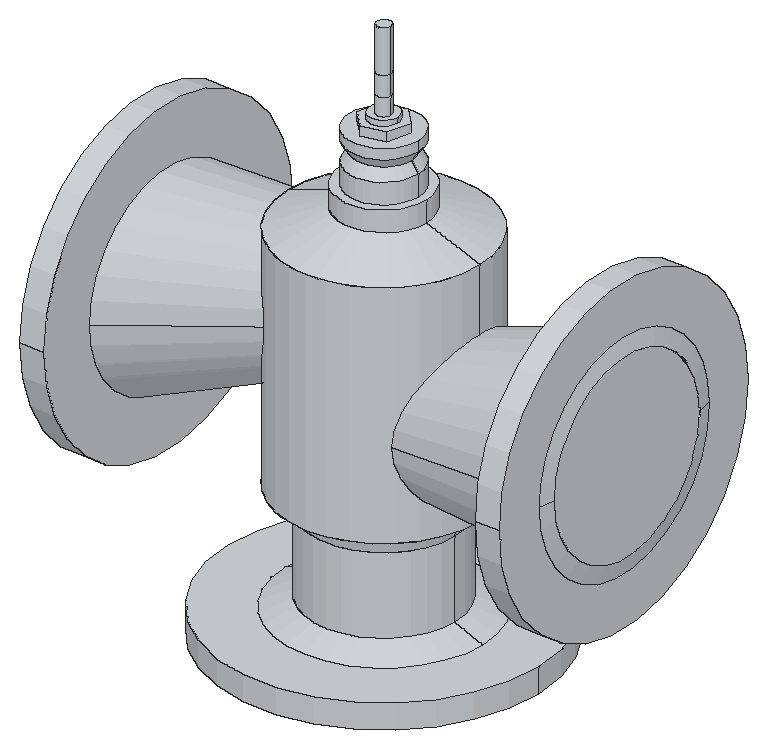
Revit family "3FGB_PN16_DN065_RFA_2019", category Pipe Accessories, Revit 2019
Family settings
  Round Connector Dimension = Use Diameter
  Part Type = Valve - Breaks Into
  Work Plane-Based = No
  Always vertical = Yes
  Cut with Voids When Loaded = No
  Shared = No
Parameters (values of type "3FGB PN16 DN065")
  magiProductId = ""
  magiProductFamilyId = ""
  magiPartTypeId = 320
  isMeasuringValve [instance] = no
  ang2D [instance] = 0.00°
  Z9 = 4.2 mm
  Z8 = 5.7 mm
  Z7 = 3 mm
  Z6 = 6 mm
  Z5 = 6 mm
  Z4 = 12 mm
  Z3 = 136.6 mm
  Z19 = 9.9 mm
  Z18 = 16.25 mm
  Z17 = 2.5 mm
  Z16 = 6.25 mm
  Z15 = 33.25 mm
  Z14__ve = -Z14  # -11.875 mm
  Z14 = 11.875 mm
  Z13 = 6.535 mm
  Z12 = 45.745 mm
  Z11 = 58 mm
  Z10 = 5.1 mm
  Y1 = 51.48 mm
  X4 = 14.3 mm
  X3 = 22.88 mm
  X2__ve = -X2  # -14.3 mm
  X2 = 14.3 mm
  X1 = 2 mm
  W2D = 65 mm
  VersionID = ""
  Use Minimum Symbol Size [instance] = no
  URL = "www.hydronix.cz"
  Type Comments = "Přírubový; EQM charakteristika ve směru A-AB; PN16; -10~+150°C"
  R9 = 4 mm
  R8 = 6.255 mm
  R7 = 8.34 mm
  R6 = 13.9 mm
  R5 = 16.474 mm
  R4 = 20.592 mm
  R3 = 25.74 mm
  R2 = 44.25 mm
  R13 = 42.48 mm
  R12 = 4.378 mm
  R11 = 8.444 mm
  R10 = 5.629 mm
  R1 = 35.4 mm
  QmdConnectorList = "301;D;302;D;303;D"
  Productdata [instance] = ""
  N = 4
  Manufacturer = "Hydronix"
  Maintenance Zone Under Depth [instance] = 175 mm
  Maintenance Zone Right Depth [instance] = 145 mm
  Maintenance Zone Over Depth [instance] = 180 mm
  Maintenance Zone Left Depth [instance] = 145 mm
  Maintenance Zone Front Depth [instance] = 92.5 mm
  Maintenance Zone Back Depth [instance] = 92.5 mm
  Maintenance Zone Front Visibility [instance] = no
  MT = 2
  MC Product Code = "3FGB65 (DN65; PN16; kvs63)"
  MC = yes
  LT2 = 145 mm
  L2D_Min = 30.48 mm
  L2D = 290 mm
  L = 290 mm
  HD = 18 mm
  HCDT2 = 59 mm
  HCD = 145 mm
  H4 = 145 mm
  H3 = 95 mm
  H2 = 25 mm
  H1 = 155 mm
  FDT2 = 92.5 mm
  FD = 185 mm
  Description = "3 cestný regulační ventil přírubový; DN65; PN16; kvs63; zdvih 25mm"
  DT2 = 32.5 mm
  D4 = 53.975 mm
  D3 = 63.5 mm
  D2 = 57.2 mm
  D = 65 mm
  CenSd_R6_6 = R6 * cos(30.00°)  # 12.037 mm
  Clearance Zone Height Depth [instance] = 180 mm
  Clearance Zone Circular Radius [instance] = 145 mm
  Clearance Zone Visibility [instance] = no
  CAT0 = yes
  CAT = no
  Assembly Code = ""
  A1 = 109.28 mm
Types (5, lengths in mm): name | Z9 | Z8 | Z6 | Z5 | Z4 | Z3 | Z19 | Z18 | Z17 | Z16 | Z15 | Z14__ve | Z14 | Z13 | Z12 | Z11 | Z10 | Y1 | X4 | X3 | X2__ve | X2 | W2D | R8 | R7 | R6 | R5 | R4 | R3 | R2 | R13 | R12 | R11 | R10 | R1 | N | Maintenance Zone Under Depth | Maintenance Zone Right Depth | Maintenance Zone Over Depth | Maintenance Zone Left Depth | Maintenance Zone Front Depth | Maintenance Zone Back Depth | MC Product Code | LT2 | L2D | L | HD | HCDT2 | HCD | H4 | H3 | H2 | H1 | FDT2 | FD | Description | DT2 | D4 | D3 | D2 | D | CenSd_R6_6 | Clearance Zone Height Depth | Clearance Zone Circular Radius | A1
  3FGB PN16 DN100 | 4.165 | 5.602 | 5.95 | 5.95 | 11.9 | 166.225 | 9.767 | 29.25 | 4.5 | 11.25 | 40.775 | -14.562 | 14.562 | 7.885 | 55.195 | 72 | 5.082 | 62.28 | 17.3 | 27.68 | -17.3 | 17.3 | 100 | 7.567 | 10.089 | 16.816 | 19.93 | 24.912 | 31.14 | 57.375 | 55.08 | 5.297 | 10.215 | 6.81 | 45.9 | 8 | 207 | 175 | 221 | 175 | 110 | 110 | "3FGB100 (DN100; PN16; kvs130)" | 175 | 350 | 350 | 18 | 76.5 | 180 | 175 | 116.5 | 45 | 176 | 110 | 220 | "3 cestný regulační ventil přírubový; DN100; PN16; kvs130; zdvih 45mm" | 50 | 68.85 | 81 | 69.2 | 100 | 14.563 | 221 | 175 | 132.98
  3FGB PN16 DN125 | 4.2 | 5.7 | 6 | 6 | 12 | 194.35 | 9.9 | 29.25 | 4.5 | 11.25 | 48.65 | -17.375 | 17.375 | 9.01 | 63.07 | 84 | 5.1 | 71.28 | 19.8 | 31.68 | -19.8 | 19.8 | 125 | 8.661 | 11.547 | 19.246 | 22.81 | 28.512 | 35.64 | 68.625 | 65.88 | 6.062 | 11.692 | 7.794 | 54.9 | 8 | 234 | 200 | 244 | 200 | 125 | 125 | "3FGB125 (DN125; PN16; kvs200)" | 200 | 400 | 400 | 18 | 91.5 | 210 | 200 | 139 | 45 | 199 | 125 | 250 | "3 cestný regulační ventil přírubový; DN125; PN16; kvs200; zdvih 45mm" | 62.5 | 81.6 | 96 | 79.2 | 125 | 16.667 | 244 | 200 | 155.48
  3FGB PN16 DN150 | 4.2 | 5.7 | 6 | 6 | 12 | 225.85 | 9.9 | 29.25 | 4.5 | 11.25 | 54.95 | -19.625 | 19.625 | 10.81 | 75.67 | 96 | 5.1 | 85.68 | 23.8 | 38.08 | -23.8 | 23.8 | 150 | 10.41 | 13.88 | 23.134 | 27.418 | 34.272 | 42.84 | 77.625 | 74.52 | 7.287 | 14.054 | 9.369 | 62.1 | 8 | 277 | 240 | 262 | 240 | 142.5 | 142.5 | "3FGB150 (DN150; PN16; kvs300)" | 240 | 480 | 480 | 22 | 103.5 | 240 | 240 | 157 | 45 | 217 | 142.5 | 285 | "3 cestný regulační ventil přírubový; DN150; PN16; kvs300; zdvih 45mm" | 75 | 92.65 | 109 | 95.2 | 150 | 20.034 | 262 | 240 | 180.68
  3FGB PN16 DN065 | 4.2 | 5.7 | 6 | 6 | 12 | 136.6 | 9.9 | 16.25 | 2.5 | 6.25 | 33.25 | -11.875 | 11.875 | 6.535 | 45.745 | 58 | 5.1 | 51.48 | 14.3 | 22.88 | -14.3 | 14.3 | 65 | 6.255 | 8.34 | 13.9 | 16.474 | 20.592 | 25.74 | 44.25 | 42.48 | 4.378 | 8.444 | 5.629 | 35.4 | 4 | 175 | 145 | 180 | 145 | 92.5 | 92.5 | "3FGB65 (DN65; PN16; kvs63)" | 145 | 290 | 290 | 18 | 59 | 145 | 145 | 95 | 25 | 155 | 92.5 | 185 | "3 cestný regulační ventil přírubový; DN65; PN16; kvs63; zdvih 25mm" | 32.5 | 53.975 | 63.5 | 57.2 | 65 | 12.037 | 180 | 145 | 109.28
  3FGB PN16 DN080 | 4.2 | 5.7 | 6 | 6 | 12 | 148.6 | 9.9 | 29.25 | 4.5 | 11.25 | 36.75 | -13.125 | 13.125 | 6.985 | 48.895 | 64 | 5.1 | 55.08 | 15.3 | 24.48 | -15.3 | 15.3 | 80 | 6.692 | 8.923 | 14.872 | 17.626 | 22.032 | 27.54 | 49.875 | 47.88 | 4.685 | 9.034 | 6.023 | 39.9 | 4 | 187 | 155 | 210 | 155 | 100 | 100 | "3FGB80 (DN80; PN16; kvs100)" | 155 | 310 | 310 | 18 | 66.5 | 160 | 155 | 105 | 45 | 165 | 100 | 200 | "3 cestný regulační ventil přírubový; DN80; PN16; kvs100; zdvih 45mm" | 40 | 60.35 | 71 | 61.2 | 80 | 12.879 | 210 | 155 | 118.88
Reference planes
  plane 1 "Center (Front/Back)": y = 0
  plane 2 "XYPLANE": z = 0
  plane 3 "Center (Left/Right)": x = 0
  plane 4 "227": z = -175
  plane 5 "226": y = 92.5
  plane 6 "225": y = -92.5
  plane 7 "224": x = 145
  plane 8 "223": x = -145
  plane 9 "222": z = 180
  plane 10 "182": z = 155
  plane 11 "161": z = 143
  plane 12 "158": z = 137.3
  plane 13 "150": z = 133.1
  plane 14 "148": z = 130.1
  plane 15 "142": z = 125
  plane 16 "136": z = 119
  plane 17 "135": z = 113
  plane 18 "131": z = 107
  plane 19 "78": z = 71.25
  plane 20 "77": z = 83.125
  plane 21 "74": z = 95
  plane 22 "70": z = -65.35
  plane 23 "65": z = -71.885
  plane 24 "64": z = -78.42
  plane 25 "58": z = -124.165
  plane 26 "57": z = -130.7
  plane 27 "46": z = -145
  plane 28 "28": x = 128.7
  plane 29 "27": x = 143
  plane 30 "21": z = -20
  plane 31 "16": z = 33.25
  plane 32 "13": x = -128.7
  plane 33 "7": x = -143
  plane 34 "6": x = 145
  plane 35 "5": x = -145
  plane 36 "3": y = 0
  plane 37 "2": z = 0
  plane 38 "1": x = 0
Forms (mm)
  Extrusion 1, solid, visible <- "Clearance Zone Visibility"
    sketch origin (-750, 0, 0) x (1, 0, 0) y (0, 1, 0)
      loop
        circle (750, 0) r 145
    from 0 to 180 <- "Clearance Zone Height Depth"
  Blend 2, solid, visible <- "Maintenance Zone Front Visibility"
    base sketch origin (-750, 0, 180) x (1, 0, 0) y (0, 1, 0)
      loop
        line (605, 92.5) -> (605, -92.5) -> (895, -92.5) -> (895, 92.5) -> (605, 92.5)
    top sketch origin (-750, 0, 180) x (1, 0, 0) y (0, 1, 0)
      loop
        line (605, 92.5) -> (605, -92.5) -> (895, -92.5) -> (895, 92.5) -> (605, 92.5)
    from 0 to -355
  Extrusion 3, solid
    sketch origin (-750, 0, 133.1) x (1, 0, 0) y (0, 1, 0)
      loop
        circle (750, 0) r 4.378
    from 0 to 9.9 <- "Z19"
  Extrusion 4, solid
    sketch origin (-750, 0, 155) x (1, 0, 0) y (0, 1, 0)
      loop
        circle (750, 0) r 4
    from 0 to 25 <- "H2"
  Extrusion 5, solid
    sketch origin (-750, 0, 143) x (1, 0, 0) y (0, 1, 0)
      loop
        circle (750, 0) r 4
    from 0 to 12 <- "Z4"
  Extrusion 6, solid
    sketch origin (-750, 0, 130.1) x (1, 0, 0) y (0, 1, 0)
      loop
        circle (750, 0) r 8.34
    from 0 to 3 <- "Z7"
  Extrusion 7, solid
    sketch origin (-750, 0, 125) x (1, 0, 0) y (0, 1, 0)
      loop
        line (759.829, -9.829) -> (763.426, 3.597) -> (753.597, 13.426) -> (740.171, 9.829) -> (736.574, -3.597) -> (746.403, -13.426) -> (759.829, -9.829)
    from 0 to 5.1 <- "Z10"
  Extrusion 8, solid
    sketch origin (-750, 0, 119) x (1, 0, 0) y (0, 1, 0)
      loop
        circle (750, 0) r 20.592
    from 0 to 6 <- "Z6"
  Blend 9, solid
    base sketch origin (-750, 0, 113) x (1, 0, 0) y (0, 1, 0)
      loop
        circle (750, 0) r 16.474
    top sketch origin (-750, 0, 113) x (1, 0, 0) y (0, 1, 0)
      loop
        circle (750, 0) r 20.592
    from 0 to 6
  Blend 10, solid
    base sketch origin (-750, 0, 107) x (1, 0, 0) y (0, 1, 0)
      loop
        circle (750, 0) r 20.592
    top sketch origin (-750, 0, 107) x (1, 0, 0) y (0, 1, 0)
      loop
        circle (750, 0) r 16.474
    from 0 to 6
  Extrusion 11, solid
    sketch origin (-750, 0, 95) x (1, 0, 0) y (0, 1, 0)
      loop
        circle (750, 0) r 20.592
    from 0 to 12 <- "Z4"
  Extrusion 12, solid
    sketch origin (-750, 0, 95) x (1, 0, 0) y (0, 1, 0)
      loop
        circle (750, 0) r 25.74
    from 0 to -11.875 <- "Z14__ve"
  Blend 13, solid
    base sketch origin (-750, 0, 71.25) x (1, 0, 0) y (0, 1, 0)
      loop
        circle (750, 0) r 57.2
    top sketch origin (-750, 0, 71.25) x (1, 0, 0) y (0, 1, 0)
      loop
        circle (750, 0) r 25.74
    from 0 to 11.875
  Blend 14, solid
    base sketch origin (-750, 0, -71.885) x (1, 0, 0) y (0, 1, 0)
      loop
        circle (750, 0) r 44.25
    top sketch origin (-750, 0, -71.885) x (1, 0, 0) y (0, 1, 0)
      loop
        circle (750, 0) r 57.2
    from 0 to 6.535
  Blend 15, solid
    base sketch origin (-750, 0, -78.42) x (1, 0, 0) y (0, 1, 0)
      loop
        circle (750, 0) r 42.48
    top sketch origin (-750, 0, -78.42) x (1, 0, 0) y (0, 1, 0)
      loop
        circle (750, 0) r 44.25
    from 0 to 6.535
  Extrusion 16, solid
    sketch origin (-750, 0, -124.165) x (1, 0, 0) y (0, 1, 0)
      loop
        circle (750, 0) r 42.48
    from 0 to 45.745 <- "Z12"
  Blend 17, solid
    base sketch origin (-750, 0, -130.7) x (1, 0, 0) y (0, 1, 0)
      loop
        circle (750, 0) r 59
    top sketch origin (-750, 0, -130.7) x (1, 0, 0) y (0, 1, 0)
      loop
        circle (750, 0) r 42.48
    from 0 to 6.535
  Extrusion 18, solid
    sketch origin (-750, 0, -145) x (1, 0, 0) y (0, 1, 0)
      loop
        circle (750, 0) r 92.5
    from 0 to 14.3 <- "X4"
  Blend 19, solid
    base sketch origin (143, -750, 0) x (0, 1, 0) y (0, 0, 1)
      loop
        circle (750, 0) r 63.5
    top sketch origin (143, -750, 0) x (0, 1, 0) y (0, 0, 1)
      loop
        circle (750, 0) r 53.975
    from 0 to 2
  Blend 20, solid
    base sketch origin (-145, -750, 0) x (0, 1, 0) y (0, 0, 1)
      loop
        circle (750, 0) r 53.975
    top sketch origin (-145, -750, 0) x (0, 1, 0) y (0, 0, 1)
      loop
        circle (750, 0) r 63.5
    from 0 to 2
  Extrusion 21, solid
    sketch origin (143, -750, 0) x (0, 1, 0) y (0, 0, 1)
      loop
        circle (750, 0) r 92.5
    from 0 to -14.3 <- "X2__ve"
  Blend 22, solid
    base sketch origin (0, -750, 0) x (0, 1, 0) y (0, 0, 1)
      loop
        circle (750, -20) r 35.4
    top sketch origin (0, -750, 0) x (0, 1, 0) y (0, 0, 1)
      loop
        circle (750, 0) r 59
    from 0 to 128.7
  Extrusion 23, solid
    sketch origin (-750, 0, -65.35) x (1, 0, 0) y (0, 1, 0)
      loop
        circle (750, 0) r 57.2
    from 0 to 136.6 <- "Z3"
  Blend 24, solid
    base sketch origin (-128.7, -750, 0) x (0, 1, 0) y (0, 0, 1)
      loop
        circle (750, 0) r 59
    top sketch origin (-128.7, -750, 0) x (0, 1, 0) y (0, 0, 1)
      loop
        circle (750, 33.25) r 35.4
    from 0 to 128.7
  Extrusion 25, solid
    sketch origin (-143, -750, 0) x (0, 1, 0) y (0, 0, 1)
      loop
        circle (750, 0) r 92.5
    from 0 to 14.3 <- "X2"
  Extrusion 26, solid, not visible
    sketch origin (-750, 0, -145) x (1, 0, 0) y (0, 1, 0)
      loop
        circle (750, 0) r 10
    from 0 to 10
  Extrusion 27, solid, not visible
    sketch origin (145, -750, 0) x (0, 1, 0) y (0, 0, 1)
      loop
        circle (750, 0) r 10
    from 0 to -10
  Extrusion 28, solid, not visible
    sketch origin (-145, -750, 0) x (0, 1, 0) y (0, 0, 1)
      loop
        circle (750, 0) r 10
    from 0 to 10
Lines and regions (mm)
  reference lines, not visible
    curve 1: circle (2, 2, 0) r 1 normal (0, 0, 1)
  reference lines
    curve 2: line (0, 0, 125) -> (2.176, 8.121, 125)
    curve 3: line (0, 0, 125) -> (-5.945, 5.945, 125)
    curve 4: line (0, 0, 125) -> (-8.121, -2.176, 125)
Dimensions and locks
  plane 1 "Center (Front/Back)" to curve 1 = 2 mm
  "Maintenance Zone Under Depth": plane 2 "XYPLANE" to plane 4 "227"
  "Maintenance Zone Back Depth": plane 1 "Center (Front/Back)" to plane 5 "226"
  "Maintenance Zone Front Depth": plane 1 "Center (Front/Back)" to plane 6 "225"
  "Maintenance Zone Right Depth": plane 3 "Center (Left/Right)" to plane 7 "224"
  "Maintenance Zone Left Depth": plane 3 "Center (Left/Right)" to plane 8 "223"
  "Maintenance Zone Over Depth": plane 2 "XYPLANE" to plane 9 "222"
  "Z4": plane 11 "161" to plane 10 "182"
  "Z8": plane 12 "158" to plane 11 "161"
  "Z9": plane 13 "150" to plane 12 "158"
  "Z7": plane 14 "148" to plane 13 "150"
  "Z10": plane 15 "142" to plane 14 "148"
  "Z6": plane 16 "136" to plane 15 "142"
  "Z5": plane 17 "135" to plane 16 "136"
  "Z5": plane 18 "131" to plane 17 "135"
  "Z4": plane 21 "74" to plane 18 "131"
  "Z14": plane 20 "77" to plane 19 "78"
  "Z14": plane 21 "74" to plane 20 "77"
  "H3": plane 2 "XYPLANE" to plane 21 "74"
  "Z13": plane 23 "65" to plane 22 "70"
  "Z13": plane 24 "64" to plane 23 "65"
  "Z12": plane 25 "58" to plane 24 "64"
  "Z13": plane 26 "57" to plane 25 "58"
  "X4": plane 27 "46" to plane 26 "57"
  "H4": plane 2 "XYPLANE" to plane 27 "46"
  "X2": plane 29 "27" to plane 28 "28"
  "X1": plane 34 "6" to plane 29 "27"
  locked: plane 37 "2" to plane 30 "21" at 20
  "Z15": plane 37 "2" to plane 31 "16"
  "X2": plane 33 "7" to plane 32 "13"
  "X1": plane 35 "5" to plane 33 "7"
  "LT2": plane 3 "Center (Left/Right)" to plane 34 "6"
  "LT2": plane 3 "Center (Left/Right)" to plane 35 "5"
  locked: plane 1 "Center (Front/Back)" to plane 36 "3"
  locked: plane 2 "XYPLANE" to plane 37 "2"
  locked: plane 3 "Center (Left/Right)" to plane 38 "1"
  Blend 2 sketch curve to Blend 2 sketch curve = 0 mm  (x16)
  "CenSd_R6_6": curve 2 to Extrusion 7 sketch curve  (x2)
  "CenSd_R6_6": curve 3 to Extrusion 7 sketch curve  (x2)
  "CenSd_R6_6": curve 4 to Extrusion 7 sketch curve  (x2)
  Extrusion 7 sketch curve to Extrusion 7 sketch curve = 0 mm  (x12)
  "Clearance Zone Circular Radius": radius of Extrusion 1 sketch curve
  "R12": radius of Extrusion 3 sketch curve
  "R9": radius of Extrusion 4 sketch curve
  "R9": radius of Extrusion 5 sketch curve
  "R7": radius of Extrusion 6 sketch curve
  "R4": radius of Extrusion 8 sketch curve
  "R4": radius of Blend 9 sketch curve
  "R5": radius of Blend 9 sketch curve
  "R5": radius of Blend 10 sketch curve
  "R4": radius of Blend 10 sketch curve
  "R4": radius of Extrusion 11 sketch curve
  "R3": radius of Extrusion 12 sketch curve
  "R3": radius of Blend 13 sketch curve
  "D2": radius of Blend 13 sketch curve
  "D2": radius of Blend 14 sketch curve
  "R2": radius of Blend 14 sketch curve
  "R2": radius of Blend 15 sketch curve
  "R13": radius of Blend 15 sketch curve
  "R13": radius of Extrusion 16 sketch curve
  "R13": radius of Blend 17 sketch curve
  "HCDT2": radius of Blend 17 sketch curve
  "FDT2": radius of Extrusion 18 sketch curve
  "D4": radius of Blend 19 sketch curve
  "D3": radius of Blend 19 sketch curve
  "D3": radius of Blend 20 sketch curve
  "D4": radius of Blend 20 sketch curve
  "FDT2": radius of Extrusion 21 sketch curve
  "HCDT2": radius of Blend 22 sketch curve
  "R1": radius of Blend 22 sketch curve
  "D2": radius of Extrusion 23 sketch curve
  "R1": radius of Blend 24 sketch curve
  "HCDT2": radius of Blend 24 sketch curve
  "FDT2": radius of Extrusion 25 sketch curve
  locked: curve 3 to curve 2 (angle 60.00°)
  locked: curve 4 to curve 3 (angle 60.00°)
  locked: curve 4 to curve 2 (angle 120.00°)
  aligned and locked: level to plane 2 "XYPLANE"
  aligned and locked: plane 36 "3" to Extrusion 1 sketch curve
  aligned and locked: plane 38 "1" to Extrusion 1 sketch curve
  aligned and locked: Blend 2 sketch curve to plane 8 "223"  (x2)
  aligned and locked: plane 5 "226" to Blend 2 sketch curve  (x4)
  aligned and locked: plane 6 "225" to Blend 2 sketch curve  (x4)
  aligned and locked: plane 8 "223" to Blend 2 sketch curve  (x2)
  aligned and locked: plane 7 "224" to Blend 2 sketch curve  (x4)
  aligned and locked: Blend 2 to plane 4 "227"
  aligned and locked: plane 36 "3" to Extrusion 3 sketch curve
  aligned and locked: plane 38 "1" to Extrusion 3 sketch curve
  aligned and locked: plane 36 "3" to Extrusion 4 sketch curve
  aligned and locked: plane 38 "1" to Extrusion 4 sketch curve
  aligned and locked: plane 36 "3" to Extrusion 5 sketch curve
  aligned and locked: plane 38 "1" to Extrusion 5 sketch curve
  aligned and locked: plane 36 "3" to Extrusion 6 sketch curve
  aligned and locked: plane 38 "1" to Extrusion 6 sketch curve
  aligned and locked: plane 36 "3" to curve 3
  aligned and locked: plane 38 "1" to curve 4
  aligned and locked: plane 36 "3" to Extrusion 8 sketch curve
  aligned and locked: plane 38 "1" to Extrusion 8 sketch curve
  aligned and locked: plane 36 "3" to Blend 9 sketch curve  (x2)
  aligned and locked: plane 38 "1" to Blend 9 sketch curve  (x2)
  aligned and locked: plane 16 "136" to Blend 9
  aligned and locked: plane 36 "3" to Blend 10 sketch curve  (x2)
  aligned and locked: plane 38 "1" to Blend 10 sketch curve  (x2)
  aligned and locked: plane 17 "135" to Blend 10
  aligned and locked: plane 36 "3" to Extrusion 11 sketch curve
  aligned and locked: plane 38 "1" to Extrusion 11 sketch curve
  aligned and locked: plane 36 "3" to Extrusion 12 sketch curve
  aligned and locked: plane 38 "1" to Extrusion 12 sketch curve
  aligned and locked: plane 36 "3" to Blend 13 sketch curve  (x2)
  aligned and locked: plane 38 "1" to Blend 13 sketch curve  (x2)
  aligned and locked: plane 20 "77" to Blend 13
  aligned and locked: plane 36 "3" to Blend 14 sketch curve  (x2)
  aligned and locked: plane 38 "1" to Blend 14 sketch curve  (x2)
  aligned and locked: plane 22 "70" to Blend 14
  aligned and locked: plane 36 "3" to Blend 15 sketch curve  (x2)
  aligned and locked: plane 38 "1" to Blend 15 sketch curve  (x2)
  aligned and locked: plane 23 "65" to Blend 15
  aligned and locked: plane 36 "3" to Extrusion 16 sketch curve
  aligned and locked: plane 38 "1" to Extrusion 16 sketch curve
  aligned and locked: plane 36 "3" to Blend 17 sketch curve  (x2)
  aligned and locked: plane 38 "1" to Blend 17 sketch curve  (x2)
  aligned and locked: plane 25 "58" to Blend 17
  aligned and locked: plane 36 "3" to Extrusion 18 sketch curve
  aligned and locked: plane 38 "1" to Extrusion 18 sketch curve
  aligned and locked: Blend 19 sketch curve to plane 36 "3"  (x2)
  aligned and locked: plane 37 "2" to Blend 19 sketch curve  (x2)
  aligned and locked: plane 34 "6" to Blend 19
  aligned and locked: Blend 20 sketch curve to plane 36 "3"  (x2)
  aligned and locked: plane 37 "2" to Blend 20 sketch curve  (x2)
  aligned and locked: plane 33 "7" to Blend 20
  aligned and locked: Extrusion 21 sketch curve to plane 36 "3"
  aligned and locked: plane 37 "2" to Extrusion 21 sketch curve
  aligned and locked: Blend 22 sketch curve to plane 36 "3"  (x2)
  aligned and locked: plane 37 "2" to Blend 22 sketch curve
  aligned and locked: plane 30 "21" to Blend 22 sketch curve
  aligned and locked: plane 28 "28" to Blend 22
  aligned and locked: plane 36 "3" to Extrusion 23 sketch curve
  aligned and locked: plane 38 "1" to Extrusion 23 sketch curve
  aligned and locked: plane 31 "16" to Blend 24 sketch curve
  aligned and locked: plane 36 "3" to Blend 24 sketch curve
  aligned and locked: Blend 24 sketch curve to plane 36 "3"
  aligned and locked: plane 37 "2" to Blend 24 sketch curve
  aligned and locked: plane 38 "1" to Blend 24
  aligned and locked: Extrusion 25 sketch curve to plane 36 "3"
  aligned and locked: plane 37 "2" to Extrusion 25 sketch curve
  aligned and locked: plane 36 "3" to Extrusion 26 sketch curve
  aligned and locked: plane 38 "1" to Extrusion 26 sketch curve
  aligned and locked: Extrusion 27 sketch curve to plane 36 "3"
  aligned and locked: plane 37 "2" to Extrusion 27 sketch curve
  aligned and locked: Extrusion 28 sketch curve to plane 36 "3"
  aligned and locked: plane 37 "2" to Extrusion 28 sketch curve
Automatic sketch dimensions
  plane 1 "Center (Front/Back)" to curve 4 = 2.176 mm
  plane 1 "Center (Front/Back)" to Extrusion 26 sketch curve = 10 mm
  plane 1 "Center (Front/Back)" to Extrusion 27 sketch curve = 10 mm
  plane 1 "Center (Front/Back)" to Extrusion 28 sketch curve = 10 mm
  plane 3 "Center (Left/Right)" to curve 1 = 2 mm
  radius of curve 1 = 1 mm
Connectors
  piping at (-145, 0, 0), diameter 65, driven by "D"
    settings: on Extrusion 28, index 1, connector inside diameter 609.6 mm, connector length 0 mm, flow factor 0, pipe flow 0.0 L/s, pressure drop 0.0 Pa, fitting loss kfactor 0, connector angle 0.00°, fixture units 0, engagement length 0 mm, angle of deflection 0.00°, flow configuration 0, flow direction 0, fitting loss method 0, system type 29, joint type 0, gender type 0, connector reference index -1, connector utility 0, adjustable connector yes, is connector primary yes, connector description ""
  piping at (145, 0, 0), diameter 65, driven by "D"
    settings: on Extrusion 27, index 2, connector inside diameter 609.6 mm, connector length 0 mm, flow factor 0, pipe flow 0.0 L/s, pressure drop 0.0 Pa, fitting loss kfactor 0, connector angle 0.00°, fixture units 0, engagement length 0 mm, angle of deflection 0.00°, flow configuration 0, flow direction 0, fitting loss method 0, system type 29, joint type 0, gender type 0, connector reference index -1, connector utility 0, adjustable connector yes, is connector primary no, connector description ""
  piping at (0, 0, -145), diameter 65, driven by "D"
    settings: on Extrusion 26, index 3, connector inside diameter 609.6 mm, connector length 0 mm, flow factor 0, pipe flow 0.0 L/s, pressure drop 0.0 Pa, fitting loss kfactor 0, connector angle 0.00°, fixture units 0, engagement length 0 mm, angle of deflection 0.00°, flow configuration 0, flow direction 0, fitting loss method 0, system type 29, joint type 0, gender type 0, connector reference index -1, connector utility 0, adjustable connector yes, is connector primary no, connector description ""
